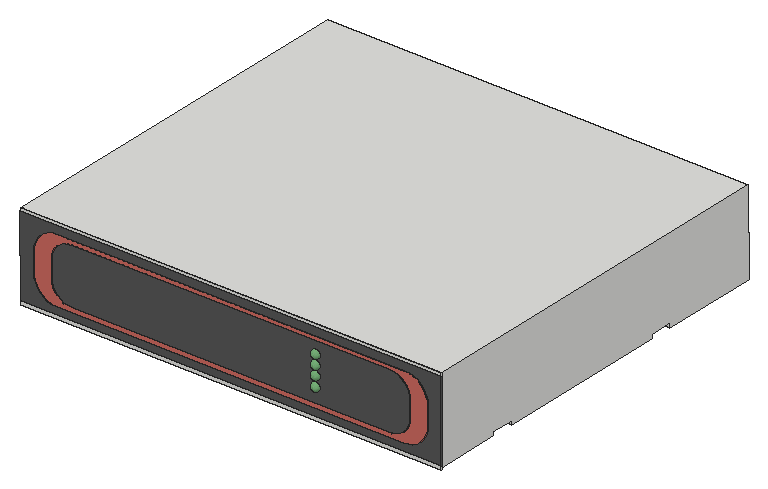
Revit family "Electronics_Expanders_Biamp_Tesira_4-Channel-Input-and-Output_EX-IN__", category Communication Devices, host Face, Revit 2020
Family settings
  Host = Face
  Maintain Annotation Orientation = No
  Round Connector Dimension = Use Diameter
  Part Type = Normal
  OmniClass Number = 23.85.10.11.11
  OmniClass Title = Sound and Signal Devices
  Cut with Voids When Loaded = No
  Shared = No
  Room Calculation Point = No
Parameters (values of type "EX-IN")
  Width = 0' - 8 1/2"
  Weight = 3.00 lbf  # constant formula
  Voltage = 0 V
  THD+N = "0dB Gain, +4dBu In: < 0.006% at 20Hz~20kHz; 54dB Gain, -50dBu In: < 0.040% at 20Hz~20kHz; "  # constant formula
  Sampling Rate = "48kHz"  # constant formula
  Rotation Angle [instance] = if(or([Nominal RMK-1], [Nominal RMK-2]), 0.00°, 90.00°)  # 90.00°
  Product data url = "https://www.bimobject.com/biamp/product/tesira-ex-in_expander"
  Power Factor = 1
  Phantom Power = "+48 VDC (7mA/input)"  # constant formula
  Offset Entourage X [instance] = if([Nominal RMK-1], 0' 4.4685", if([Nominal RMK-2], 0' 4.46063", if([Nominal UTMK-1], 0' 0", if(Nominal No mount, 0' 0", 0' 0"))))  # 0' - 0"
  UTMK-1 = UTMK-1 : UTMK-1
  URL = "https://www.biamp.com/"
  RMK-2 = RMK-2 : RMK-2
  Product Page URL = "https://www.biamp.com/products/tesira-expanders#tesira-ex-in"
  Product Documentation Link = "https://downloads.biamp.com/assets/docs/default-source/data-sheets/biamp_data_sheet_tesira_ex-in_ex-aec_ex-out_ex-io_feb20.pdf"
  RMK-1 = RMK-1 : RMK-1
  Offset Entourage Y [instance] = if([Nominal RMK-1], 0' 3 7/8", if([Nominal RMK-2], 0' 0 125/128", if([Nominal UTMK-1], 0' 0", if(Nominal No mount, 0' 0", 0' 0"))))  # 0' - 0"
  Offset [instance] = if([Nominal RMK-1], 0' 0", if([Nominal RMK-2], 0' 0 5/64", if([Nominal UTMK-1], 0' 0 9/256", if(Nominal No mount, 0' 0", 0' 0"))))  # 0' - 0"
  Number of Poles = 1  # constant formula
  Nominal UTMK-1 [instance] = Mount Type = [UTMK-1]  # no
  Nominal RMK-2 [instance] = Mount Type = [RMK-2]  # no
  Nominal RMK-1 [instance] = Mount Type = [RMK-1]  # no
  Nominal No mount [instance] = Mount Type = No mount  # yes
  No mount = No mount : No mount
  Mount Type [instance] = No mount : No mount
  Model = "Tesira EX-IN"
  Maximum Input = "+24dBu"  # constant formula
  Max Power Consumption = 0 W
  Manufacturer = "Biamp"  # constant formula
  Input Impedance = "8 kohm (balanced)"  # constant formula
  Input Gain Range = "0 - 66dB at 6dB Steps"  # constant formula
  Housing Material = Biamp - Metal - Silver
  Height = 0' - 1 3/4"
  Frequency Response = "+0/-0.25dB 20Hz~20kHz at +4dBu"  # constant formula
  EIN = "< -125dBu at 20Hz~20kHz, 66dB Gain, 150 ohm"  # constant formula
  Dynamic Range = "> 108dB at 20Hz~20kHz, 0dB"  # constant formula
  Description = "Tesira® EX-IN, 4-Channel Input and Output Expanders"  # constant formula
  Depth = 0' - 7 3/4"
  Default Elevation = 4' - 0"
  Cross Talk = "0dB Gain, +4dBu In: < -85dB channel to channel at 1kHz; 54dB Gain, -50dBu In: < -75dB channel to channel at 1kHz; "  # constant formula
  Connector Description = "PoE+ (IEEE 802.3at Class 4, 30W)"  # constant formula
  Compliance = "FCC Part 15B (USA); CE marked (Europe); UL and C-UL listed (USA & Canada); RCM (Australia); EAC (Eurasian Customs Union); RoHS Directive (Europe)"  # constant formula
  Assembly Code = ""
  Apparent Load = Max Power Consumption / Power Factor  # 0 VA
  A/D - D/A Converters = "24-bit"  # constant formula
Reference planes (in)
  plane 1 "Center (Front/Back)": y = 0
  plane 2: z = 0
  plane 3: x = 0
  plane 4: x = 4.25
  plane 5 "Center (Left/Right)": x = -4.25
  plane 6: y = 3.875
  plane 7: y = -3.875
  plane 8: z = 1.75
  plane 9: y = -3.875
  plane 10: y = -3.7704
  plane 11: y = 3.78125
  plane 12: z = 1.625
  plane 13 "2": z = 0
  plane 14: z = 1.50505
  plane 15: z = 0.30745
  plane 16: z = 1.37426
  plane 17: z = 0.99926
  plane 18: z = 0.88281
  plane 19: z = 0.19602
  plane 20: x = -0.84509
  plane 21: x = 3.69218
  plane 22: x = 3.30135
  plane 23: z = 0.53335
  plane 24: x = -4.70577
  plane 25: x = 13.63823
Lines and regions (in)
  symbolic lines, visible <- "Nominal RMK-1"
    curve 1: line (4.40636, -3.875, 0) -> (13.9683, -3.875, 0)
    curve 2: line (13.9683, -3.78994, 0) -> (4.40636, -3.78994, 0)
    curve 3: line (13.9683, -3.875, 0) -> (13.9683, -3.78994, 0)
  symbolic lines, visible <- "Nominal RMK-2"
    curve 4: line (13.28048, -3.7707, 0) -> (13.28048, -2.78889, 0)
    curve 5: line (13.17557, -2.78889, 0) -> (13.17557, -3.77036, 0)
    curve 6: line (13.17557, -2.78889, 0) -> (13.28048, -2.78889, 0)
    curve 7: arc (13.17557, -3.77036, 0) -> (13.21163, -3.85743, 0) -> (13.2987, -3.89349, 0) r 0.12313
    curve 8: line (13.92601, -3.78889, 0) -> (13.29794, -3.78889, 0)
    curve 9: line (13.92601, -3.89349, 0) -> (13.92601, -3.78889, 0)
    curve 10: line (13.2987, -3.89349, 0) -> (13.92601, -3.89349, 0)
    curve 11: arc (13.28048, -3.7707, 0) -> (13.28555, -3.78331, 0) -> (13.29794, -3.78889, 0) r 0.01821
  reference lines
    curve 12: line (-1.71783, -3.7704, 0) -> (-1.71783, -1.12457, 0)
Dimensions and locks (in)
  "Width": plane 5 "Center (Left/Right)" to plane 4
  equal spacing: plane 5 "Center (Left/Right)", plane 3, plane 4
  equal spacing: plane 7, plane 1 "Center (Front/Back)", plane 6
  "Depth": plane 6 to plane 7
  "Height": plane 8 to plane 13 "2"
  locked: plane 9 to plane 10 at 0.1046
  "Offset": plane 13 "2" to level
  locked: plane 16 to plane 17 at 0.375
  locked: plane 18 to plane 19 at 0.68679
  locked: plane 14 to plane 15 at 1.19761
  locked: plane 19 to plane 13 "2" at 0.19602
  locked: plane 15 to plane 13 "2" at 0.30745
  locked: plane 17 to plane 13 "2" at 0.99926
  locked: plane 12 to plane 13 "2" at 1.625
  plane 23 to plane 13 "2" = 0' - 0.53335"
  "Offset Entourage X": nested 1 to plane 3
  plane 8 to plane 13 "2" = 0' - 1 3/4"
  "Rotation Angle": angle curve 12 to plane 10
  aligned and locked: plane 2 to host face
  aligned and locked: level to host face
  aligned and locked: plane 5 "Center (Left/Right)" to nested 2
  aligned and locked: plane 4 to nested 2
  aligned and locked: plane 2 to curve 12
  aligned and locked: plane 10 to curve 12
Automatic sketch dimensions
  plane 7 to curve 1 = 0' - 0"
  curve 6 to plane 10 = 0' - 0.98151"
  curve 5 to curve 4 = 0' - 0.10491"
  curve 4 to curve 8 = 0' - 0.01746"
  plane 10 to curve 11 = 0' - 0.0003"
  curve 4 to curve 11 = 0' - 0.01821"
  curve 7 to plane 10 = 0' - 0.00004"
  curve 11 to curve 7 = 0' - 0"
  curve 7 to curve 10 = 0' - 0.62731"
  curve 9 to curve 3 = 0' - 0.04229"
  plane 10 to curve 3 = 0' - 0 5/256"
  host sketch curve to host sketch curve = 5' - 9.9283"
  host sketch curve to host sketch curve = 5' - 9.30298"
  plane 4 to curve 6 = 0' - 8.92557"
  plane 4 to curve 1 = 0' - 0.15636"
  curve 2 to curve 1 = 0' - 0"
Nested families (in)
  nested 1: "No mount" at (0, -3.875, 0), type <- "Mount Type", type "No mount"
  nested 2: "TESIRA EX" at (0, 0.06349, 0) x (-1, 0, 0) z (0, 0, 1), Offset <- "Offset", type "EX-AEC"
    with Offset 0' - 0"
Connectors (in)
  electrical at (3.14164, 3.90146, 0.57718), driven by "Number of Poles", driven by "Voltage", driven by "Apparent Load", driven by "Power Factor", driven by "Connector Description"
    settings: on nested 2, index 1, voltage 0 V, apparent load 0 VA, apparent load phase1 0 VA, apparent load phase2 0 VA, apparent load phase3 0 VA, power factor 1, load classification "Other", number of poles 1, system type 31, power factor state 1, is connector primary yes, connector utility no, sub classification motor no, connector description "PoE+ (IEEE 802.3at Class 4, 30W)"
  electrical at (0.3104, 3.90146, 1.1626)
    settings: on nested 2, index 2, voltage 0 V, apparent load 0 VA, apparent load phase1 0 VA, apparent load phase2 0 VA, apparent load phase3 0 VA, power factor 1, load classification "Other", number of poles 1, system type 5, power factor state 1, is connector primary no, connector utility no, sub classification motor no, connector description "Mic/Line Input"
  electrical at (-0.55834, 3.90146, 1.1626)
    settings: on nested 2, index 3, voltage 0 V, apparent load 0 VA, apparent load phase1 0 VA, apparent load phase2 0 VA, apparent load phase3 0 VA, power factor 1, load classification "Other", number of poles 1, system type 5, power factor state 1, is connector primary no, connector utility no, sub classification motor no, connector description "Mic/Line Input"
  electrical at (-1.70834, 3.90146, 1.1626)
    settings: on nested 2, index 4, voltage 0 V, apparent load 0 VA, apparent load phase1 0 VA, apparent load phase2 0 VA, apparent load phase3 0 VA, power factor 1, load classification "Other", number of poles 1, system type 5, power factor state 1, is connector primary no, connector utility no, sub classification motor no, connector description "Mic/Line Input"
  electrical at (-2.57584, 3.90146, 1.1626)
    settings: on nested 2, index 5, voltage 0 V, apparent load 0 VA, apparent load phase1 0 VA, apparent load phase2 0 VA, apparent load phase3 0 VA, power factor 1, load classification "Other", number of poles 1, system type 5, power factor state 1, is connector primary no, connector utility no, sub classification motor no, connector description "Mic/Line Input"
Definition of nested family "TESIRA EX"
  Parameters (values of type "EX-OUT")
    URL = "https://www.biamp.com"
    Product Page URL = "https://www.biamp.com/products/tesira-expanders#tesira-ex-out"
    Product Documentation Link = "https://downloads.biamp.com/assets/docs/default-source/data-sheets/biamp_data_sheet_tesira_ex-in_ex-aec_ex-out_ex-io_feb20.pdf?sfvrsn=62e9f2f1_8"
    Offset [instance] = 0' - 0"
    Model = ""
    Material Case = none
    Manufacturer = ""
    Description = ""
    Default Elevation = 4' - 0"
    Assembly Code = "D5010.70"
  Types (4): name | Product Page URL
    EX-IN | "https://www.biamp.com/products/tesira-expanders#tesira-ex-out"
    EX-AEC | "https://www.biamp.com/products/tesira-expanders#tesira-ex-aec"
    EX-IO | "https://www.biamp.com/products/tesira-expanders#tesira-ex-io"
    EX-OUT | "https://www.biamp.com/products/tesira-expanders#tesira-ex-out"
  Reference planes (in)
    plane 1 "Center (Front/Back)": y = 0
    plane 2: z = 0
    plane 3 "Center (Left/Right)": x = 0
    plane 4: x = 4.25
    plane 5: x = -4.25
    plane 6: y = 3.875
    plane 7: y = -3.875
    plane 8: z = 1.75
    plane 9: y = -3.875
    plane 10: y = -3.75086
    plane 11: y = 3.78125
    plane 12 "1": x = -1.71783
    plane 13: y = 3.66314
    plane 14: x = -5.23425
    plane 15: z = 1.625
    plane 16: x = 5.23425
    plane 17 "2": z = 0
    plane 18: z = 1.50505
    plane 19: z = 0.30745
    plane 20: z = 1.37426
    plane 21: z = 0.99926
    plane 22: z = 0.88281
    plane 23: z = 0.19602
    plane 24: x = -0.84509
    plane 25: x = 3.69218
    plane 26: x = 3.30135
    plane 27: z = 0.53335
    plane 28: z = 0.0359
    plane 29: z = 0
  Forms (in)
    Extrusion 1, solid
      sketch origin (7.75, -5.25086, 0) x (1, 0, 0) y (0, 1, 0)
        loop
          line (-42.75, 40.25086) -> (-42.75, -29.05212) -> (27.1783, -29.05212) -> (27.1783, 40.25086) -> (-42.75, 40.25086)
      from 0 to -12
    Revolve 2, solid, detail levels fine
      sketch origin (-1.71783, 0, 0) x (0, 1, 0) y (0, 0, 1)
        loop
          line (3.875, 1.28781) -> (3.875, 1.12625)
          arc (3.875, 1.12625) -> (3.95578, 1.20703) -> (3.875, 1.28781) r 0.08078
        loop
          line (3.875, 1.0958) -> (3.875, 0.93174)
          arc (3.875, 0.93174) -> (3.95703, 1.01377) -> (3.875, 1.0958) r 0.08203
        loop
          line (3.875, 0.90124) -> (3.875, 0.73718)
          arc (3.875, 0.73718) -> (3.95703, 0.81921) -> (3.875, 0.90124) r 0.08203
        loop
          line (3.875, 0.69741) -> (3.875, 0.53335)
          arc (3.875, 0.53335) -> (3.95703, 0.61538) -> (3.875, 0.69741) r 0.08203
        axis (3.875, 1.28781) -> (3.875, 0.53335)
      angle from 270 to 450
    Extrusion 3, solid, material <- "Material Case", detail levels coarse
      sketch origin (0, 0, 0) x (-1, 0, 0) y (0, -1, 0)
        loop
          line (-4.25, 3.875) -> (-4.25, -3.875) -> (4.25, -3.875) -> (4.25, 3.875) -> (-4.25, 3.875)
      from 0.0359 to 1.75
    Extrusion 4, solid, material <- "Material Case", detail levels medium+fine
      sketch origin (0, 0, 0) x (-1, 0, 0) y (0, -1, 0)
        loop
          line (-4.25, 3.875) -> (-4.25, -3.85984) -> (4.25, -3.85984) -> (4.25, 3.875) -> (-4.25, 3.875)
      from 0.0359 to 1.75
    Extrusion 5, solid, detail levels medium+fine
      sketch origin (0, 0, 0) x (-1, 0, 0) y (0, 0, 1)
        loop
          line (-4.25, 1.69704) -> (-4.25, 0.06741) -> (4.25, 0.06741) -> (4.25, 1.69704) -> (-4.25, 1.69704)
        loop
          arc (-3.4999, 1.53477) -> (-3.84144, 1.3933) -> (-3.9829, 1.05176) r 0.48301
          line (-3.9829, 1.05176) -> (-3.9829, 0.70476)
          arc (-3.9829, 0.70476) -> (-3.84144, 0.36323) -> (-3.49991, 0.22176) r 0.483
          line (-3.49991, 0.22176) -> (3.49912, 0.22176)
          arc (3.49912, 0.22176) -> (3.84064, 0.36322) -> (3.98211, 0.70475) r 0.48299
          line (3.98211, 0.70475) -> (3.98211, 1.05176)
          arc (3.98211, 1.05176) -> (3.84064, 1.3933) -> (3.4991, 1.53477) r 0.48301
          line (3.4991, 1.53477) -> (-3.4999, 1.53477)
      from 3.85984 to 3.875
    Extrusion 6, solid, detail levels medium+fine
      sketch origin (-0.04049, 0, 0.02934) x (-1, 0, 0) y (0, 0, 1)
        loop
          line (3.45861, 1.50543) -> (-3.54039, 1.50543)
          arc (-3.54039, 1.50543) -> (-3.88193, 1.36396) -> (-4.0234, 1.02243) r 0.48301
          line (-4.0234, 1.02243) -> (-4.0234, 0.67542)
          arc (-4.0234, 0.67542) -> (-3.88193, 0.33389) -> (-3.5404, 0.19242) r 0.483
          line (-3.5404, 0.19242) -> (3.45862, 0.19242)
          arc (3.45862, 0.19242) -> (3.80015, 0.33389) -> (3.94162, 0.67542) r 0.48299
          line (3.94162, 0.67542) -> (3.94162, 1.02243)
          arc (3.94162, 1.02243) -> (3.80015, 1.36396) -> (3.45861, 1.50543) r 0.48301
        loop
          arc (-3.25038, 1.42543) -> (-3.54242, 1.30446) -> (-3.66339, 1.01242) r 0.41301
          line (-3.66339, 1.01242) -> (-3.66339, 0.68543)
          arc (-3.66339, 0.68543) -> (-3.54242, 0.39339) -> (-3.25038, 0.27242) r 0.41301
          line (-3.25038, 0.27242) -> (3.1686, 0.27242)
          arc (3.1686, 0.27242) -> (3.46065, 0.39339) -> (3.58162, 0.68543) r 0.41301
          line (3.58162, 0.68543) -> (3.58162, 1.01242)
          arc (3.58162, 1.01242) -> (3.46065, 1.30446) -> (3.16861, 1.42543) r 0.413
          line (3.16861, 1.42543) -> (-3.25038, 1.42543)
      from 3.85984 to 3.875
    Extrusion 7, solid, detail levels medium+fine
      sketch origin (-0.04049, 0, 0.02934) x (-1, 0, 0) y (0, 0, 1)
        loop
          arc (3.58162, 1.01242) -> (3.46065, 1.30446) -> (3.16861, 1.42543) r 0.413
          line (3.16861, 1.42543) -> (-3.25038, 1.42543)
          arc (-3.25038, 1.42543) -> (-3.54242, 1.30446) -> (-3.66339, 1.01242) r 0.41301
          line (-3.66339, 1.01242) -> (-3.66339, 0.68543)
          arc (-3.66339, 0.68543) -> (-3.54242, 0.39339) -> (-3.25038, 0.27242) r 0.41301
          line (-3.25038, 0.27242) -> (3.1686, 0.27242)
          arc (3.1686, 0.27242) -> (3.46065, 0.39339) -> (3.58162, 0.68543) r 0.41301
          line (3.58162, 0.68543) -> (3.58162, 1.01242)
      from 3.85984 to 3.875
    Extrusion 8, solid, material <- "Material Case", detail levels medium+fine
      sketch origin (0, 0, 0) x (-1, 0, 0) y (0, 0, 1)
        loop
          line (-4.25, 1.69704) -> (4.25, 1.69704) -> (4.25, 1.75) -> (-4.25, 1.75) -> (-4.25, 1.69704)
        loop
          line (4.25, 0.06741) -> (-4.25, 0.06741) -> (-4.25, 0) -> (4.25, 0) -> (4.25, 0.06741)
      from 3.85984 to 3.875
    Extrusion 9, void
      sketch origin (0, 0, 0) x (0, -1, 0) y (0, 0, 1)
        loop
          line (-2.57251, 0.11558) -> (-2.57251, 0) -> (-2.10251, 0) -> (-2.10251, 0.11558) -> (-2.57251, 0.11558)
      from 3.70572 to 4.25
    Extrusion 10, void
      sketch origin (0, -4, 0) x (0, -1, 0) y (0, 0, 1)
        loop
          line (-2.57251, 0.11558) -> (-2.57251, 0) -> (-2.10251, 0) -> (-2.10251, 0.11558) -> (-2.57251, 0.11558)
      from 3.70572 to 4.25
    Extrusion 11, void
      sketch origin (0, 0, 0) x (0, -1, 0) y (0, 0, -1)
        loop
          line (-2.57251, -0.11558) -> (-2.10251, -0.11558) -> (-2.10251, 0) -> (-2.57251, 0) -> (-2.57251, -0.11558)
      from 3.70572 to 4.25
    Extrusion 12, void
      sketch origin (0, -4, 0) x (0, -1, 0) y (0, 0, -1)
        loop
          line (-2.57251, -0.11558) -> (-2.10251, -0.11558) -> (-2.10251, 0) -> (-2.57251, 0) -> (-2.57251, -0.11558)
      from 3.70572 to 4.25
    Extrusion 13, void
      sketch origin (-0.07164, -7.70634, 0) x (-1, 0, 0) y (0, 0, -1)
        loop
          line (3.42, -0.85261) -> (3.42, -0.30176) -> (2.72, -0.30176) -> (2.72, -0.85261) -> (3.42, -0.85261)
        loop
          line (0.61376, -1.3876) -> (0.61376, -0.9376) -> (-0.13624, -0.9376) -> (-0.13624, -1.3876) -> (0.61376, -1.3876)
        loop
          line (-0.25497, -1.3876) -> (-0.25497, -0.9376) -> (-1.00497, -0.9376) -> (-1.00497, -1.3876) -> (-0.25497, -1.3876)
        loop
          line (-2.27247, -1.3876) -> (-2.27247, -0.9376) -> (-3.02247, -0.9376) -> (-3.02247, -1.3876) -> (-2.27247, -1.3876)
        loop
          line (-1.40498, -1.3876) -> (-1.40498, -0.9376) -> (-2.15498, -0.9376) -> (-2.15498, -1.3876) -> (-1.40498, -1.3876)
      from -3.79859 to -3.86836
  Cuts and joins
    Extrusion 9, Extrusion 10, Extrusion 11, Extrusion 12, Extrusion 13 cuts Extrusion 4
  Lines and regions (in)
    Masking region 1
      outline origin (0, 0, 0) x (1, 0, 0) y (0, 1, 0)
        loop
          line (-4.25, 3.875) -> (-4.25, -3.875) -> (4.25, -3.875) -> (4.25, 3.875) -> (-4.25, 3.875)
  Dimensions and locks (in)
    plane 5 to plane 4 = 0' - 8 1/2"
    equal spacing: plane 5, plane 3 "Center (Left/Right)", plane 4
    equal spacing: plane 7, plane 1 "Center (Front/Back)", plane 6
    plane 6 to plane 7 = 0' - 7 3/4"
    plane 8 to plane 17 "2" = 0' - 1 3/4"
    locked: plane 6 to plane 11 at 0.09375
    locked: plane 9 to plane 10 at 0.12414
    locked: plane 11 to plane 13 at 0.11811
    locked: plane 14 to plane 5 at 0.98425
    locked: plane 4 to plane 16 at 0.98425
    "Offset": plane 17 "2" to level
    locked: plane 20 to plane 21 at 0.375
    locked: plane 22 to plane 23 at 0.68679
    locked: plane 18 to plane 19 at 1.19761
    locked: plane 23 to plane 17 "2" at 0.19602
    locked: plane 19 to plane 17 "2" at 0.30745
    locked: plane 21 to plane 17 "2" at 0.99926
    locked: plane 15 to plane 17 "2" at 1.625
    plane 27 to plane 17 "2" = 0' - 0.53335"
    locked: plane 28 to plane 29 at 0.0359
    locked: plane 23 to plane 28 at 0.16012
    aligned and locked: plane 2 to Extrusion 1
    aligned and locked: level to Extrusion 1
    aligned and locked: plane 27 to Revolve 2 sketch curve
    aligned and locked: Extrusion 5 to Extrusion 4
    aligned and locked: Extrusion 8 to plane 29
    aligned and locked: plane 8 to Extrusion 4
    aligned and locked: Extrusion 4 to plane 28
    aligned and locked: Extrusion 3 to plane 28
    aligned and locked: Extrusion 5 to Extrusion 8
  Automatic sketch dimensions
    Extrusion 1 sketch curve to Extrusion 1 sketch curve = 5' - 9.9283"
    Extrusion 1 sketch curve to Extrusion 1 sketch curve = 5' - 9.30298"
    Revolve 2 sketch curve to plane 6 = 0' - 0"  (x5)
    Revolve 2 sketch curve to Revolve 2 sketch curve = 0' - 0 21/256"  (x2)
    Revolve 2 sketch curve to Revolve 2 sketch curve = 0' - 0.03977"
    Revolve 2 sketch curve to Revolve 2 sketch curve = 0' - 0.0305"
    Revolve 2 sketch curve to plane 21 = 0' - 0.01451"
    Revolve 2 sketch curve to Revolve 2 sketch curve = 0' - 0.03044"
    Revolve 2 sketch curve to Revolve 2 sketch curve = 0' - 0.08078"
    Revolve 2 sketch curve to plane 19 = 0' - 0.00874"
    plane 20 to Revolve 2 sketch curve = 0' - 0.06424"
    Extrusion 3 sketch curve to plane 4 = 0' - 0"
    Extrusion 3 sketch curve to plane 5 = 0' - 0"
    Extrusion 3 sketch curve to plane 6 = 0' - 0"
    plane 7 to Extrusion 3 sketch curve = 0' - 0"
    Extrusion 4 sketch curve to plane 4 = 0' - 0"
    Extrusion 4 sketch curve to plane 5 = 0' - 0"
    plane 7 to Extrusion 4 sketch curve = 0' - 0"
    Extrusion 4 sketch curve to plane 6 = 0' - 0.01516"
    Extrusion 5 sketch curve to plane 4 = 0' - 0"
    plane 5 to Extrusion 5 sketch curve = 0' - 0"
    Extrusion 5 sketch curve to plane 8 = 0' - 0.05296"
    Extrusion 5 sketch curve to plane 21 = 0' - 0.0525"  (x2)
    Extrusion 5 sketch curve to plane 4 = 0' - 0.2671"
    plane 25 to Extrusion 5 sketch curve = 0' - 0.19228"
    plane 25 to Extrusion 5 sketch curve = 0' - 0.19229"
    Extrusion 5 sketch curve to plane 5 = 0' - 0.7509"
    plane 23 to Extrusion 5 sketch curve = 0' - 0.02574"
    Extrusion 5 sketch curve to plane 5 = 0' - 0.75088"
    plane 28 to Extrusion 5 sketch curve = 0' - 0.03151"
    Extrusion 6 sketch curve to plane 21 = 0' - 0.0525"
    Extrusion 6 sketch curve to plane 4 = 0' - 0.2671"
    plane 25 to Extrusion 6 sketch curve = 0' - 0.06929"
    plane 23 to Extrusion 6 sketch curve = 0' - 0.02574"
    plane 25 to Extrusion 6 sketch curve = 0' - 0.19228"
    Extrusion 6 sketch curve to Extrusion 6 sketch curve = 0' - 0.123"
    Extrusion 6 sketch curve to plane 26 = 0' - 0.09146"  (x2)
    Extrusion 6 sketch curve to plane 21 = 0' - 0.04249"
    plane 19 to Extrusion 6 sketch curve = 0' - 0.00569"
    Extrusion 6 sketch curve to plane 5 = 0' - 1.0409"
    Extrusion 6 sketch curve to Extrusion 6 sketch curve = 0' - 0"
    Extrusion 6 sketch curve to Extrusion 6 sketch curve = 0' - 0.29"
    Extrusion 6 sketch curve to Extrusion 6 sketch curve = 0' - 0.29002"
    Extrusion 6 sketch curve to Extrusion 6 sketch curve = 0' - 0.12299"
    Extrusion 6 sketch curve to plane 27 = 0' - 0.1714"
    plane 25 to Extrusion 7 sketch curve = 0' - 0.06929"
    Extrusion 7 sketch curve to plane 21 = 0' - 0.04249"
    Extrusion 7 sketch curve to plane 26 = 0' - 0.09146"  (x2)
    plane 19 to Extrusion 7 sketch curve = 0' - 0.00569"
    plane 22 to Extrusion 7 sketch curve = 0' - 0.16805"
    Extrusion 7 sketch curve to plane 5 = 0' - 1.0409"
    Extrusion 7 sketch curve to Extrusion 7 sketch curve = 0' - 0.413"
    Extrusion 8 sketch curve to plane 4 = 0' - 0"  (x2)
    plane 5 to Extrusion 8 sketch curve = 0' - 0"  (x2)
    level to Extrusion 8 sketch curve = 0' - 0"
    Extrusion 8 sketch curve to plane 8 = 0' - 0"
    plane 28 to Extrusion 8 sketch curve = 0' - 0.03151"
    Extrusion 8 sketch curve to plane 8 = 0' - 0.05296"
    Extrusion 9 sketch curve to level = 0' - 0"
    plane 28 to Extrusion 9 sketch curve = 0' - 0.07968"
    Extrusion 9 sketch curve to plane 13 = 0' - 1.09063"
    Extrusion 9 sketch curve to Extrusion 9 sketch curve = 0' - 0.47"
    Extrusion 10 sketch curve to level = 0' - 0"
    plane 28 to Extrusion 10 sketch curve = 0' - 0.07968"
    plane 1 "Center (Front/Back)" to Extrusion 10 sketch curve = 0' - 1.42749"
    Extrusion 10 sketch curve to Extrusion 10 sketch curve = 0' - 0.47"
    Extrusion 11 sketch curve to level = 0' - 0"
    plane 28 to Extrusion 11 sketch curve = 0' - 0.07968"
    Extrusion 11 sketch curve to plane 13 = 0' - 1.09063"
    Extrusion 11 sketch curve to Extrusion 11 sketch curve = 0' - 0.47"
    Extrusion 12 sketch curve to level = 0' - 0"
    plane 28 to Extrusion 12 sketch curve = 0' - 0.07968"
    plane 1 "Center (Front/Back)" to Extrusion 12 sketch curve = 0' - 1.42749"
    Extrusion 12 sketch curve to Extrusion 12 sketch curve = 0' - 0.47"
    Extrusion 13 sketch curve to plane 26 = 0' - 0.35051"
    Extrusion 13 sketch curve to plane 19 = 0' - 0.63015"  (x4)
    Extrusion 13 sketch curve to Extrusion 13 sketch curve = 0' - 0 3/4"
    Extrusion 13 sketch curve to Extrusion 13 sketch curve = 0' - 0.11749"
    plane 3 "Center (Left/Right)" to Extrusion 13 sketch curve = 0' - 1.33334"
    Extrusion 13 sketch curve to Extrusion 13 sketch curve = 0' - 0.4"
    Extrusion 13 sketch curve to plane 22 = 0' - 0.50479"  (x4)
    plane 24 to Extrusion 13 sketch curve = 0' - 1.02842"
    Extrusion 13 sketch curve to Extrusion 13 sketch curve = 0' - 0.11873"
    plane 12 "1" to Extrusion 13 sketch curve = 0' - 1.03243"
    plane 22 to Extrusion 13 sketch curve = 0' - 0.03021"
    plane 19 to Extrusion 13 sketch curve = 0' - 0.00569"
    Extrusion 13 sketch curve to plane 5 = 0' - 0.75836"
    Extrusion 13 sketch curve to Extrusion 13 sketch curve = 0' - 0.70001"
    Masking region 1 sketch curve to plane 5 = 0' - 0"
    Masking region 1 sketch curve to plane 4 = 0' - 0"
    plane 7 to Masking region 1 sketch curve = 0' - 0"
    Masking region 1 sketch curve to plane 6 = 0' - 0"
Definition of nested family "No mount"
  Parameters (values of type "No mount")
    Material Plenum Box = none
    Height = 1' - 0"
    Default Elevation = 4' - 0"
  Reference planes (in)
    plane 1 "Center (Front/Back)": y = 0
    plane 2: z = 0
    plane 3 "Center (Left/Right)": x = 0
    plane 4: x = -6
    plane 5: x = 6
    plane 6: y = 6
    plane 7: y = -6
    plane 8: z = 4.11483
    plane 9: z = 4.6
    plane 10: y = 4.65
    plane 11: y = -4.65
    plane 12: x = -4.525
    plane 13: x = 4.525
  Dimensions and locks (in)
    equal spacing: plane 4, plane 3 "Center (Left/Right)", plane 5
    equal spacing: plane 6, plane 1 "Center (Front/Back)", plane 7
    plane 4 to plane 5 = 1' - 0"
    "Height": plane 6 to plane 7
    plane 8 to level = 0' - 4.11483"
    plane 9 to plane 8 = 0' - 0.48517"
    equal spacing: plane 10, plane 1 "Center (Front/Back)", plane 11
    equal spacing: plane 12, plane 3 "Center (Left/Right)", plane 13
    aligned and locked: plane 2 to level
